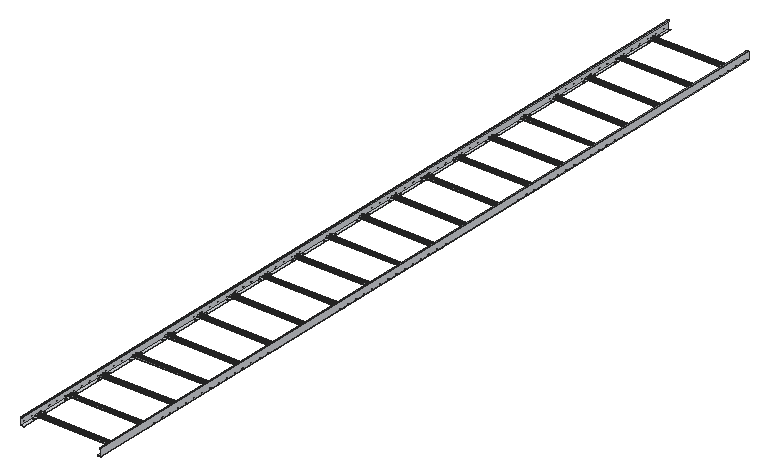
Revit family "Kabelleiter,Sprosse gelocht, geschweißt-LCIS 660 6 FS,FT,A2,A4", category Generic Models, Revit 2017 (continued)
Dimensions and locks
  locked: cut or joined group 1 (Extrusion 1, Extrusion 2, Extrusion 3, Extrusion 4, Extrusion 5, Extrusion 6, Extrusion 7, Extrusion 8, Extrusion 9, Extrusion 10, Extrusion 11, Extrusion 12, Extrusion 13, Extrusion 14, Extrusion 15, Extrusion 16, Extrusion 17, Extrusion 18, Extrusion 19, Extrusion 20, Extrusion 21, Extrusion 22, Extrusion 23, Extrusion 24, Extrusion 25, Extrusion 26, Extrusion 27, Extrusion 28, Extrusion 29, Extrusion 30, Extrusion 31, Extrusion 32, Extrusion 33, Extrusion 34, Extrusion 35, Extrusion 36, Extrusion 37, Extrusion 38, Extrusion 39, Extrusion 40, Extrusion 41, Extrusion 42, Extrusion 43, Extrusion 44, Extrusion 45, Extrusion 46, Extrusion 47, Extrusion 48, Extrusion 49, Extrusion 50, Extrusion 51, Extrusion 52, Extrusion 53, Extrusion 54, Extrusion 55, Extrusion 56, Extrusion 57, Extrusion 58, Extrusion 59, Extrusion 60, Extrusion 61, Extrusion 62, Extrusion 63, Extrusion 64, Extrusion 65, Extrusion 66, Extrusion 67, Extrusion 68, Extrusion 69, Extrusion 70, Extrusion 71, Extrusion 72, Extrusion 73, Extrusion 74, Extrusion 75, Extrusion 76, Extrusion 77, Extrusion 78, Extrusion 79, Extrusion 80, Extrusion 81, Extrusion 82, Extrusion 83, Extrusion 84, Extrusion 85, Extrusion 86, Extrusion 87, Extrusion 88, Extrusion 89, Extrusion 90, Extrusion 91, Extrusion 92, Extrusion 93, Extrusion 94, Extrusion 95, Extrusion 96, Extrusion 97, Extrusion 98, Extrusion 99, Extrusion 100, Extrusion 101, Extrusion 102, Extrusion 103, Extrusion 104, Extrusion 105, Extrusion 106, Extrusion 107, Extrusion 108, Extrusion 109, Extrusion 110, Extrusion 111, Extrusion 112, Extrusion 113, Extrusion 114, Extrusion 115, Extrusion 116, Extrusion 117, Extrusion 118, Extrusion 119, Extrusion 120, Extrusion 121, Extrusion 122, Extrusion 123, Extrusion 124, Extrusion 125, Extrusion 126, Extrusion 127, Extrusion 128, Extrusion 129, Extrusion 130, Extrusion 131, Extrusion 132, Extrusion 133, Extrusion 134, Extrusion 135, Extrusion 136, Extrusion 137, Extrusion 138, Extrusion 139, Extrusion 140, Extrusion 141, Extrusion 142, Extrusion 143, Extrusion 144, Extrusion 145, Extrusion 146, Extrusion 147, Extrusion 148, Extrusion 149, Extrusion 150, Extrusion 151, Extrusion 152, Extrusion 153, Extrusion 154, Extrusion 155, Extrusion 156, Extrusion 157, Extrusion 158, Extrusion 159, Extrusion 160, Extrusion 161, Extrusion 207, Extrusion 208, Extrusion 209, Extrusion 210, Extrusion 211, Extrusion 212, Extrusion 213, Extrusion 214, Extrusion 215, Extrusion 216, Extrusion 217, Extrusion 218, Extrusion 219, Extrusion 220, Extrusion 221, Extrusion 222, Extrusion 223, Extrusion 224, Extrusion 225, Extrusion 226, Extrusion 227, Extrusion 228, Extrusion 229, Extrusion 230, Extrusion 231, Extrusion 232, Extrusion 233, Extrusion 234, Extrusion 235, Extrusion 236, Extrusion 237, Extrusion 238, Extrusion 239, Extrusion 240, Extrusion 241, Extrusion 242, Extrusion 243, Extrusion 244, Extrusion 245, Extrusion 246, Extrusion 247, Extrusion 248, Extrusion 249, Extrusion 250, Extrusion 251, Extrusion 252, Extrusion 253, Extrusion 254, Extrusion 255, Extrusion 256, Extrusion 257, Extrusion 258, Extrusion 259, Extrusion 260, Extrusion 261, Extrusion 262, Extrusion 263, Extrusion 264, Extrusion 265, Extrusion 266, Extrusion 267, Extrusion 268, Extrusion 269, Extrusion 270, Extrusion 271, Extrusion 272, Extrusion 273, Extrusion 274, Extrusion 275, Extrusion 276, Extrusion 277, Extrusion 278, Extrusion 279, Extrusion 280, Extrusion 281, Extrusion 282, Extrusion 283, Extrusion 284, Extrusion 285, Extrusion 286) to plane 14 at 40
  locked: Extrusion 163 sketch curve to Extrusion 163 sketch curve at 9
  locked: Extrusion 163 sketch curve to Extrusion 163 sketch curve at 3
  locked: Extrusion 164 sketch curve to Extrusion 164 sketch curve at 16.96
  locked: Extrusion 164 sketch curve to Extrusion 164 sketch curve at 9.025
  locked: Extrusion 165 sketch curve to Extrusion 165 sketch curve at 16.96
  locked: Extrusion 165 sketch curve to Extrusion 165 sketch curve at 9.025
  locked: Extrusion 166 sketch curve to Extrusion 166 sketch curve at 9
  locked: Extrusion 166 sketch curve to Extrusion 166 sketch curve at 3
  locked: Extrusion 167 sketch curve to Extrusion 167 sketch curve at 9
  locked: Extrusion 167 sketch curve to Extrusion 167 sketch curve at 3
  group 163 to group 164 = 520 mm
  group 163 to group 164 = 0 mm  (x2)
  locked: Extrusion 168 sketch curve to Extrusion 168 sketch curve at 9  (x3)
  plane 18 to Extrusion 162 = 8.5 mm
  Extrusion 168 sketch curve to Extrusion 168 sketch curve = 3 mm
  plane 18 to Extrusion 168 sketch curve = 1.5 mm  (x2)
  plane 14 to plane 19 = 20 mm
  Extrusion 168 sketch curve to Extrusion 162 = 0.5 mm  (x2)
  locked: Extrusion 168 sketch curve to Extrusion 168 sketch curve at 11  (x14)
  locked: plane 19 to plane 20 at 20
  locked: Extrusion 168 sketch curve to Extrusion 168 sketch curve at 7  (x10)
  locked: plane 20 to plane 21 at 20
  locked: plane 21 to plane 22 at 20
  locked: plane 22 to plane 23 at 20
  locked: plane 23 to plane 24 at 20
  locked: plane 24 to plane 25 at 20
  locked: plane 25 to plane 26 at 20
  locked: plane 26 to plane 27 at 20
  locked: plane 27 to plane 28 at 20
  locked: plane 28 to plane 29 at 20
  locked: plane 29 to plane 30 at 20
  locked: plane 31 to plane 32 at 20
  locked: plane 32 to plane 33 at 20
  locked: plane 33 to plane 34 at 20
  locked: plane 34 to plane 35 at 20
  locked: plane 35 to plane 36 at 20
  locked: plane 36 to plane 37 at 20
  plane 39 to cut or joined group of Extrusion 162, Extrusion 168 = 8.5 mm
  locked: plane 40 to plane 38 at 20
  locked: plane 41 to plane 40 at 20
  locked: plane 42 to plane 41 at 20
  locked: plane 43 to plane 42 at 20
  plane 44 to plane 43 = 20 mm
  Extrusion 168 sketch curve to Extrusion 168 sketch curve = 11 mm  (x2)
  locked: Extrusion 169 sketch curve to Extrusion 169 sketch curve at 16.96
  locked: Extrusion 169 sketch curve to Extrusion 169 sketch curve at 9.025
  locked: Extrusion 170 sketch curve to Extrusion 170 sketch curve at 9  (x3)
  plane 45 to Extrusion 169 = 8.5 mm
  Extrusion 170 sketch curve to Extrusion 170 sketch curve = 3 mm
  plane 45 to Extrusion 170 sketch curve = 1.5 mm  (x2)
  Extrusion 170 sketch curve to Extrusion 169 = 0.5 mm  (x2)
  locked: Extrusion 170 sketch curve to Extrusion 170 sketch curve at 11  (x14)
  locked: plane 46 to plane 47 at 20
  locked: Extrusion 170 sketch curve to Extrusion 170 sketch curve at 7  (x10)
  locked: plane 47 to plane 48 at 20
  locked: plane 48 to plane 49 at 20
  locked: plane 49 to plane 50 at 20
  locked: plane 50 to plane 51 at 20
  locked: plane 51 to plane 52 at 20
  locked: plane 52 to plane 53 at 20
  locked: plane 53 to plane 54 at 20
  locked: plane 54 to plane 55 at 20
  locked: plane 55 to plane 56 at 20
  locked: plane 56 to plane 57 at 20
  locked: plane 58 to plane 59 at 20
  locked: plane 59 to plane 60 at 20
  locked: plane 60 to plane 61 at 20
  locked: plane 61 to plane 62 at 20
  locked: plane 62 to plane 63 at 20
  locked: plane 63 to plane 64 at 20
  locked: plane 67 to plane 65 at 20
  locked: plane 68 to plane 67 at 20
  locked: plane 69 to plane 68 at 20
  locked: plane 70 to plane 69 at 20
  plane 71 to plane 70 = 20 mm
  Extrusion 170 sketch curve to Extrusion 170 sketch curve = 11 mm  (x2)
  locked: Extrusion 171 sketch curve to Extrusion 171 sketch curve at 16.96
  locked: Extrusion 171 sketch curve to Extrusion 171 sketch curve at 9.025
  locked: Extrusion 172 sketch curve to Extrusion 172 sketch curve at 9  (x3)
  plane 72 to Extrusion 171 = 8.5 mm
  Extrusion 172 sketch curve to Extrusion 172 sketch curve = 3 mm
  plane 72 to Extrusion 172 sketch curve = 1.5 mm  (x2)
  Extrusion 172 sketch curve to Extrusion 171 = 0.5 mm  (x2)
  locked: Extrusion 172 sketch curve to Extrusion 172 sketch curve at 11  (x14)
  locked: plane 73 to plane 74 at 20
  locked: Extrusion 172 sketch curve to Extrusion 172 sketch curve at 7  (x10)
  locked: plane 74 to plane 75 at 20
  locked: plane 75 to plane 76 at 20
  locked: plane 76 to plane 77 at 20
  locked: plane 77 to plane 78 at 20
  locked: plane 78 to plane 79 at 20
  locked: plane 79 to plane 80 at 20
  locked: plane 80 to plane 81 at 20
  locked: plane 81 to plane 82 at 20
  locked: plane 82 to plane 83 at 20
  locked: plane 83 to plane 84 at 20
  locked: plane 85 to plane 86 at 20
  locked: plane 86 to plane 87 at 20
  locked: plane 87 to plane 88 at 20
  locked: plane 88 to plane 89 at 20
  locked: plane 89 to plane 90 at 20
  locked: plane 90 to plane 91 at 20
  locked: plane 94 to plane 92 at 20
  locked: plane 95 to plane 94 at 20
  locked: plane 96 to plane 95 at 20
  locked: plane 97 to plane 96 at 20
  plane 98 to plane 97 = 20 mm
  Extrusion 172 sketch curve to Extrusion 172 sketch curve = 11 mm  (x2)
  locked: Extrusion 173 sketch curve to Extrusion 173 sketch curve at 16.96
  locked: Extrusion 173 sketch curve to Extrusion 173 sketch curve at 9.025
  locked: Extrusion 174 sketch curve to Extrusion 174 sketch curve at 9  (x3)
  plane 99 to Extrusion 173 = 8.5 mm
  Extrusion 174 sketch curve to Extrusion 174 sketch curve = 3 mm
  plane 99 to Extrusion 174 sketch curve = 1.5 mm  (x2)
  Extrusion 174 sketch curve to Extrusion 173 = 0.5 mm  (x2)
  locked: Extrusion 174 sketch curve to Extrusion 174 sketch curve at 11  (x14)
  locked: plane 100 to plane 101 at 20
  locked: Extrusion 174 sketch curve to Extrusion 174 sketch curve at 7  (x10)
  locked: plane 101 to plane 102 at 20
  locked: plane 102 to plane 103 at 20
  locked: plane 103 to plane 104 at 20
  locked: plane 104 to plane 105 at 20
  locked: plane 105 to plane 106 at 20
  locked: plane 106 to plane 107 at 20
  locked: plane 107 to plane 108 at 20
  locked: plane 108 to plane 109 at 20
  locked: plane 109 to plane 110 at 20
  locked: plane 110 to plane 111 at 20
  locked: plane 112 to plane 113 at 20
  locked: plane 113 to plane 114 at 20
  locked: plane 114 to plane 115 at 20
  locked: plane 115 to plane 116 at 20
  locked: plane 116 to plane 117 at 20
  locked: plane 117 to plane 118 at 20
  locked: plane 121 to plane 119 at 20
  locked: plane 122 to plane 121 at 20
  locked: plane 123 to plane 122 at 20
  locked: plane 124 to plane 123 at 20
  plane 125 to plane 124 = 20 mm
  Extrusion 174 sketch curve to Extrusion 174 sketch curve = 11 mm  (x2)
  locked: Extrusion 175 sketch curve to Extrusion 175 sketch curve at 16.96
  locked: Extrusion 175 sketch curve to Extrusion 175 sketch curve at 9.025
  locked: Extrusion 176 sketch curve to Extrusion 176 sketch curve at 9  (x3)
  plane 126 to Extrusion 175 = 8.5 mm
  Extrusion 176 sketch curve to Extrusion 176 sketch curve = 3 mm
  plane 126 to Extrusion 176 sketch curve = 1.5 mm  (x2)
  Extrusion 176 sketch curve to Extrusion 175 = 0.5 mm  (x2)
  locked: Extrusion 176 sketch curve to Extrusion 176 sketch curve at 11  (x14)
  locked: plane 127 to plane 128 at 20
  locked: Extrusion 176 sketch curve to Extrusion 176 sketch curve at 7  (x10)
  locked: plane 128 to plane 129 at 20
  locked: plane 129 to plane 130 at 20
  locked: plane 130 to plane 131 at 20
  locked: plane 131 to plane 132 at 20
  locked: plane 132 to plane 133 at 20
  locked: plane 133 to plane 134 at 20
  locked: plane 134 to plane 135 at 20
  locked: plane 135 to plane 136 at 20
  locked: plane 136 to plane 137 at 20
  locked: plane 137 to plane 138 at 20
  locked: plane 139 to plane 140 at 20
  locked: plane 140 to plane 141 at 20
  locked: plane 141 to plane 142 at 20
  locked: plane 142 to plane 143 at 20
  locked: plane 143 to plane 144 at 20
  locked: plane 144 to plane 145 at 20
  locked: plane 148 to plane 146 at 20
  locked: plane 149 to plane 148 at 20
  locked: plane 150 to plane 149 at 20
  locked: plane 151 to plane 150 at 20
  plane 152 to plane 151 = 20 mm
  Extrusion 176 sketch curve to Extrusion 176 sketch curve = 11 mm  (x2)
  locked: Extrusion 177 sketch curve to Extrusion 177 sketch curve at 16.96
  locked: Extrusion 177 sketch curve to Extrusion 177 sketch curve at 9.025
  locked: Extrusion 178 sketch curve to Extrusion 178 sketch curve at 9  (x3)
  plane 153 to Extrusion 177 = 8.5 mm
  Extrusion 178 sketch curve to Extrusion 178 sketch curve = 3 mm
  plane 153 to Extrusion 178 sketch curve = 1.5 mm  (x2)
  Extrusion 178 sketch curve to Extrusion 177 = 0.5 mm  (x2)
  locked: Extrusion 178 sketch curve to Extrusion 178 sketch curve at 11  (x14)
  locked: plane 154 to plane 155 at 20
  locked: Extrusion 178 sketch curve to Extrusion 178 sketch curve at 7  (x10)
  locked: plane 155 to plane 156 at 20
  locked: plane 156 to plane 157 at 20
  locked: plane 157 to plane 158 at 20
  locked: plane 158 to plane 159 at 20
  locked: plane 159 to plane 160 at 20
  locked: plane 160 to plane 161 at 20
  locked: plane 161 to plane 162 at 20
  locked: plane 162 to plane 163 at 20
  locked: plane 163 to plane 164 at 20
  locked: plane 164 to plane 165 at 20
  locked: plane 166 to plane 167 at 20
  locked: plane 167 to plane 168 at 20
  locked: plane 168 to plane 169 at 20
  locked: plane 169 to plane 170 at 20
  locked: plane 170 to plane 171 at 20
  locked: plane 171 to plane 172 at 20
  locked: plane 175 to plane 173 at 20
  locked: plane 176 to plane 175 at 20
  locked: plane 177 to plane 176 at 20
  locked: plane 178 to plane 177 at 20
  plane 179 to plane 178 = 20 mm
  Extrusion 178 sketch curve to Extrusion 178 sketch curve = 11 mm  (x2)
  locked: Extrusion 179 sketch curve to Extrusion 179 sketch curve at 16.96
  locked: Extrusion 179 sketch curve to Extrusion 179 sketch curve at 9.025
  locked: Extrusion 180 sketch curve to Extrusion 180 sketch curve at 9  (x3)
  plane 180 to Extrusion 179 = 8.5 mm
  Extrusion 180 sketch curve to Extrusion 180 sketch curve = 3 mm
  plane 180 to Extrusion 180 sketch curve = 1.5 mm  (x2)
  Extrusion 180 sketch curve to Extrusion 179 = 0.5 mm  (x2)
  locked: Extrusion 180 sketch curve to Extrusion 180 sketch curve at 11  (x14)
  locked: plane 181 to plane 182 at 20
  locked: Extrusion 180 sketch curve to Extrusion 180 sketch curve at 7  (x10)
  locked: plane 182 to plane 183 at 20
  locked: plane 183 to plane 184 at 20
  locked: plane 184 to plane 185 at 20
  locked: plane 185 to plane 186 at 20
  locked: plane 186 to plane 187 at 20
  locked: plane 187 to plane 188 at 20
  locked: plane 188 to plane 189 at 20
  locked: plane 189 to plane 190 at 20
  locked: plane 190 to plane 191 at 20
  locked: plane 191 to plane 192 at 20
  locked: plane 193 to plane 194 at 20
  locked: plane 194 to plane 195 at 20
  locked: plane 195 to plane 196 at 20
  locked: plane 196 to plane 197 at 20
  locked: plane 197 to plane 198 at 20
  locked: plane 198 to plane 199 at 20
  locked: plane 202 to plane 200 at 20
  locked: plane 203 to plane 202 at 20
  locked: plane 204 to plane 203 at 20
  locked: plane 205 to plane 204 at 20
  plane 206 to plane 205 = 20 mm
  Extrusion 180 sketch curve to Extrusion 180 sketch curve = 11 mm  (x2)
  locked: Extrusion 181 sketch curve to Extrusion 181 sketch curve at 16.96
  locked: Extrusion 181 sketch curve to Extrusion 181 sketch curve at 9.025
  locked: Extrusion 182 sketch curve to Extrusion 182 sketch curve at 9  (x3)
  plane 207 to Extrusion 181 = 8.5 mm
  Extrusion 182 sketch curve to Extrusion 182 sketch curve = 3 mm
  plane 207 to Extrusion 182 sketch curve = 1.5 mm  (x2)
  Extrusion 182 sketch curve to Extrusion 181 = 0.5 mm  (x2)
  locked: Extrusion 182 sketch curve to Extrusion 182 sketch curve at 11  (x14)
  locked: plane 208 to plane 209 at 20
  locked: Extrusion 182 sketch curve to Extrusion 182 sketch curve at 7  (x10)
  locked: plane 209 to plane 210 at 20
  locked: plane 210 to plane 211 at 20
  locked: plane 211 to plane 212 at 20
  locked: plane 212 to plane 213 at 20
  locked: plane 213 to plane 214 at 20
  locked: plane 214 to plane 215 at 20
  locked: plane 215 to plane 216 at 20
  locked: plane 216 to plane 217 at 20
  locked: plane 217 to plane 218 at 20
  locked: plane 218 to plane 219 at 20
  locked: plane 220 to plane 221 at 20
  locked: plane 221 to plane 222 at 20
  locked: plane 222 to plane 223 at 20
  locked: plane 223 to plane 224 at 20
  locked: plane 224 to plane 225 at 20
  locked: plane 225 to plane 226 at 20
  locked: plane 229 to plane 227 at 20
  locked: plane 230 to plane 229 at 20
  locked: plane 231 to plane 230 at 20
  locked: plane 232 to plane 231 at 20
  plane 233 to plane 232 = 20 mm
  Extrusion 182 sketch curve to Extrusion 182 sketch curve = 11 mm  (x2)
  locked: Extrusion 183 sketch curve to Extrusion 183 sketch curve at 16.96
  locked: Extrusion 183 sketch curve to Extrusion 183 sketch curve at 9.025
  locked: Extrusion 184 sketch curve to Extrusion 184 sketch curve at 9  (x3)
  plane 234 to Extrusion 183 = 8.5 mm
  Extrusion 184 sketch curve to Extrusion 184 sketch curve = 3 mm
  plane 234 to Extrusion 184 sketch curve = 1.5 mm  (x2)
  Extrusion 184 sketch curve to Extrusion 183 = 0.5 mm  (x2)
  locked: Extrusion 184 sketch curve to Extrusion 184 sketch curve at 11  (x14)
  locked: plane 235 to plane 236 at 20
  locked: Extrusion 184 sketch curve to Extrusion 184 sketch curve at 7  (x10)
  locked: plane 236 to plane 237 at 20
  locked: plane 237 to plane 238 at 20
  locked: plane 238 to plane 239 at 20
  locked: plane 239 to plane 240 at 20
  locked: plane 240 to plane 241 at 20
  locked: plane 241 to plane 242 at 20
  locked: plane 242 to plane 243 at 20
  locked: plane 243 to plane 244 at 20
  locked: plane 244 to plane 245 at 20
  locked: plane 245 to plane 246 at 20
  locked: plane 247 to plane 248 at 20
  locked: plane 248 to plane 249 at 20
  locked: plane 249 to plane 250 at 20
  locked: plane 250 to plane 251 at 20
  locked: plane 251 to plane 252 at 20
  locked: plane 252 to plane 253 at 20
  locked: plane 256 to plane 254 at 20
  locked: plane 257 to plane 256 at 20
  locked: plane 258 to plane 257 at 20
  locked: plane 259 to plane 258 at 20
  plane 260 to plane 259 = 20 mm
  Extrusion 184 sketch curve to Extrusion 184 sketch curve = 11 mm  (x2)
  locked: Extrusion 185 sketch curve to Extrusion 185 sketch curve at 16.96
  locked: Extrusion 185 sketch curve to Extrusion 185 sketch curve at 9.025
  locked: Extrusion 186 sketch curve to Extrusion 186 sketch curve at 9  (x3)
  plane 261 to Extrusion 185 = 8.5 mm
  Extrusion 186 sketch curve to Extrusion 186 sketch curve = 3 mm
  plane 261 to Extrusion 186 sketch curve = 1.5 mm  (x2)
  Extrusion 186 sketch curve to Extrusion 185 = 0.5 mm  (x2)
  locked: Extrusion 186 sketch curve to Extrusion 186 sketch curve at 11  (x14)
  locked: plane 262 to plane 263 at 20
  locked: Extrusion 186 sketch curve to Extrusion 186 sketch curve at 7  (x10)
  locked: plane 263 to plane 264 at 20
  locked: plane 264 to plane 265 at 20
  locked: plane 265 to plane 266 at 20
  locked: plane 266 to plane 267 at 20
  locked: plane 267 to plane 268 at 20
  locked: plane 268 to plane 269 at 20
  locked: plane 269 to plane 270 at 20
  locked: plane 270 to plane 271 at 20
  locked: plane 271 to plane 272 at 20
  locked: plane 272 to plane 273 at 20
  locked: plane 274 to plane 275 at 20
  locked: plane 275 to plane 276 at 20
  locked: plane 276 to plane 277 at 20
  locked: plane 277 to plane 278 at 20
  locked: plane 278 to plane 279 at 20
  locked: plane 279 to plane 280 at 20
  locked: plane 283 to plane 281 at 20
  locked: plane 284 to plane 283 at 20
  locked: plane 285 to plane 284 at 20
  locked: plane 286 to plane 285 at 20
  plane 287 to plane 286 = 20 mm
  Extrusion 186 sketch curve to Extrusion 186 sketch curve = 11 mm  (x2)
  locked: Extrusion 187 sketch curve to Extrusion 187 sketch curve at 16.96
  locked: Extrusion 187 sketch curve to Extrusion 187 sketch curve at 9.025
  locked: Extrusion 188 sketch curve to Extrusion 188 sketch curve at 9  (x3)
  plane 288 to Extrusion 187 = 8.5 mm
  Extrusion 188 sketch curve to Extrusion 188 sketch curve = 3 mm
  plane 288 to Extrusion 188 sketch curve = 1.5 mm  (x2)
  Extrusion 188 sketch curve to Extrusion 187 = 0.5 mm  (x2)
  locked: Extrusion 188 sketch curve to Extrusion 188 sketch curve at 11  (x14)
  locked: plane 289 to plane 290 at 20
  locked: Extrusion 188 sketch curve to Extrusion 188 sketch curve at 7  (x10)
  locked: plane 290 to plane 291 at 20
  locked: plane 291 to plane 292 at 20
  locked: plane 292 to plane 293 at 20
  locked: plane 293 to plane 294 at 20
  locked: plane 294 to plane 295 at 20
  locked: plane 295 to plane 296 at 20
  locked: plane 296 to plane 297 at 20
  locked: plane 297 to plane 298 at 20
  locked: plane 298 to plane 299 at 20
  locked: plane 299 to plane 300 at 20
  locked: plane 301 to plane 302 at 20
  locked: plane 302 to plane 303 at 20
  locked: plane 303 to plane 304 at 20
  locked: plane 304 to plane 305 at 20
  locked: plane 305 to plane 306 at 20
  locked: plane 306 to plane 307 at 20
  locked: plane 310 to plane 308 at 20
  locked: plane 311 to plane 310 at 20
  locked: plane 312 to plane 311 at 20
  locked: plane 313 to plane 312 at 20
  plane 314 to plane 313 = 20 mm
  Extrusion 188 sketch curve to Extrusion 188 sketch curve = 11 mm  (x2)
  locked: Extrusion 189 sketch curve to Extrusion 189 sketch curve at 16.96
  locked: Extrusion 189 sketch curve to Extrusion 189 sketch curve at 9.025
  locked: Extrusion 190 sketch curve to Extrusion 190 sketch curve at 9  (x3)
  plane 315 to Extrusion 189 = 8.5 mm
  Extrusion 190 sketch curve to Extrusion 190 sketch curve = 3 mm
  plane 315 to Extrusion 190 sketch curve = 1.5 mm  (x2)
  Extrusion 190 sketch curve to Extrusion 189 = 0.5 mm  (x2)
  locked: Extrusion 190 sketch curve to Extrusion 190 sketch curve at 11  (x14)
  locked: plane 316 to plane 317 at 20
  locked: Extrusion 190 sketch curve to Extrusion 190 sketch curve at 7  (x10)
  locked: plane 317 to plane 318 at 20
  locked: plane 318 to plane 319 at 20
  locked: plane 319 to plane 320 at 20
  locked: plane 320 to plane 321 at 20
  locked: plane 321 to plane 322 at 20
  locked: plane 322 to plane 323 at 20
  locked: plane 323 to plane 324 at 20
  locked: plane 324 to plane 325 at 20
  locked: plane 325 to plane 326 at 20
  locked: plane 326 to plane 327 at 20
  locked: plane 328 to plane 329 at 20
  locked: plane 329 to plane 330 at 20
  locked: plane 330 to plane 331 at 20
  locked: plane 331 to plane 332 at 20
  locked: plane 332 to plane 333 at 20
  locked: plane 333 to plane 334 at 20
  locked: plane 337 to plane 335 at 20
  locked: plane 338 to plane 337 at 20
  locked: plane 339 to plane 338 at 20
  locked: plane 340 to plane 339 at 20
  plane 341 to plane 340 = 20 mm
  Extrusion 190 sketch curve to Extrusion 190 sketch curve = 11 mm  (x2)
  locked: Extrusion 191 sketch curve to Extrusion 191 sketch curve at 16.96
  locked: Extrusion 191 sketch curve to Extrusion 191 sketch curve at 9.025
  locked: Extrusion 192 sketch curve to Extrusion 192 sketch curve at 9  (x3)
  plane 342 to Extrusion 191 = 8.5 mm
  Extrusion 192 sketch curve to Extrusion 192 sketch curve = 3 mm
  plane 342 to Extrusion 192 sketch curve = 1.5 mm  (x2)
  Extrusion 192 sketch curve to Extrusion 191 = 0.5 mm  (x2)
  locked: Extrusion 192 sketch curve to Extrusion 192 sketch curve at 11  (x14)
  locked: plane 343 to plane 344 at 20
  locked: Extrusion 192 sketch curve to Extrusion 192 sketch curve at 7  (x10)
  locked: plane 344 to plane 345 at 20
  locked: plane 345 to plane 346 at 20
  locked: plane 346 to plane 347 at 20
  locked: plane 347 to plane 348 at 20
  locked: plane 348 to plane 349 at 20
  locked: plane 349 to plane 350 at 20
  locked: plane 350 to plane 351 at 20
  locked: plane 351 to plane 352 at 20
  locked: plane 352 to plane 353 at 20
  locked: plane 353 to plane 354 at 20
  locked: plane 355 to plane 356 at 20
  locked: plane 356 to plane 357 at 20
  locked: plane 357 to plane 358 at 20
  locked: plane 358 to plane 359 at 20
  locked: plane 359 to plane 360 at 20
  locked: plane 360 to plane 361 at 20
  locked: plane 364 to plane 362 at 20
  locked: plane 365 to plane 364 at 20
  locked: plane 366 to plane 365 at 20
  locked: plane 367 to plane 366 at 20
  plane 368 to plane 367 = 20 mm
  Extrusion 192 sketch curve to Extrusion 192 sketch curve = 11 mm  (x2)
  locked: Extrusion 193 sketch curve to Extrusion 193 sketch curve at 16.96
  locked: Extrusion 193 sketch curve to Extrusion 193 sketch curve at 9.025
  locked: Extrusion 194 sketch curve to Extrusion 194 sketch curve at 9  (x3)
  plane 369 to Extrusion 193 = 8.5 mm
  Extrusion 194 sketch curve to Extrusion 194 sketch curve = 3 mm
  plane 369 to Extrusion 194 sketch curve = 1.5 mm  (x2)
  Extrusion 194 sketch curve to Extrusion 193 = 0.5 mm  (x2)
  locked: Extrusion 194 sketch curve to Extrusion 194 sketch curve at 11  (x14)
  locked: plane 370 to plane 371 at 20
  locked: Extrusion 194 sketch curve to Extrusion 194 sketch curve at 7  (x10)
  locked: plane 371 to plane 372 at 20
  locked: plane 372 to plane 373 at 20
  locked: plane 373 to plane 374 at 20
  locked: plane 374 to plane 375 at 20
  locked: plane 375 to plane 376 at 20
  locked: plane 376 to plane 377 at 20
  locked: plane 377 to plane 378 at 20
  locked: plane 378 to plane 379 at 20
  locked: plane 379 to plane 380 at 20
  locked: plane 380 to plane 381 at 20
  locked: plane 382 to plane 383 at 20
  locked: plane 383 to plane 384 at 20
  locked: plane 384 to plane 385 at 20
  locked: plane 385 to plane 386 at 20
  locked: plane 386 to plane 387 at 20
  locked: plane 387 to plane 388 at 20
  locked: plane 391 to plane 389 at 20
  locked: plane 392 to plane 391 at 20
  locked: plane 393 to plane 392 at 20
  locked: plane 394 to plane 393 at 20
  plane 395 to plane 394 = 20 mm
  Extrusion 194 sketch curve to Extrusion 194 sketch curve = 11 mm  (x2)
  locked: Extrusion 195 sketch curve to Extrusion 195 sketch curve at 16.96
  locked: Extrusion 195 sketch curve to Extrusion 195 sketch curve at 9.025
  locked: Extrusion 196 sketch curve to Extrusion 196 sketch curve at 9  (x3)
  plane 396 to Extrusion 195 = 8.5 mm
  Extrusion 196 sketch curve to Extrusion 196 sketch curve = 3 mm
  plane 396 to Extrusion 196 sketch curve = 1.5 mm  (x2)
  Extrusion 196 sketch curve to Extrusion 195 = 0.5 mm  (x2)
  locked: Extrusion 196 sketch curve to Extrusion 196 sketch curve at 11  (x14)
  locked: plane 397 to plane 398 at 20
  locked: Extrusion 196 sketch curve to Extrusion 196 sketch curve at 7  (x10)
  locked: plane 398 to plane 399 at 20
  locked: plane 399 to plane 400 at 20
  locked: plane 400 to plane 401 at 20
  locked: plane 401 to plane 402 at 20
  locked: plane 402 to plane 403 at 20
  locked: plane 403 to plane 404 at 20
  locked: plane 404 to plane 405 at 20
  locked: plane 405 to plane 406 at 20
  locked: plane 406 to plane 407 at 20
  locked: plane 407 to plane 408 at 20
  locked: plane 409 to plane 410 at 20
  locked: plane 410 to plane 411 at 20
  locked: plane 411 to plane 412 at 20
  locked: plane 412 to plane 413 at 20
  locked: plane 413 to plane 414 at 20
  locked: plane 414 to plane 415 at 20
  locked: plane 418 to plane 416 at 20
  locked: plane 419 to plane 418 at 20
  locked: plane 420 to plane 419 at 20
  locked: plane 421 to plane 420 at 20
  plane 422 to plane 421 = 20 mm
  Extrusion 196 sketch curve to Extrusion 196 sketch curve = 11 mm  (x2)
  locked: Extrusion 197 sketch curve to Extrusion 197 sketch curve at 16.96
  locked: Extrusion 197 sketch curve to Extrusion 197 sketch curve at 9.025
  locked: Extrusion 198 sketch curve to Extrusion 198 sketch curve at 9  (x3)
  plane 423 to Extrusion 197 = 8.5 mm
  Extrusion 198 sketch curve to Extrusion 198 sketch curve = 3 mm
  plane 423 to Extrusion 198 sketch curve = 1.5 mm  (x2)
  Extrusion 198 sketch curve to Extrusion 197 = 0.5 mm  (x2)
  locked: Extrusion 198 sketch curve to Extrusion 198 sketch curve at 11  (x14)
  locked: plane 424 to plane 425 at 20
  locked: Extrusion 198 sketch curve to Extrusion 198 sketch curve at 7  (x10)
  locked: plane 425 to plane 426 at 20
  locked: plane 426 to plane 427 at 20
  locked: plane 427 to plane 428 at 20
  locked: plane 428 to plane 429 at 20
  locked: plane 429 to plane 430 at 20
  locked: plane 430 to plane 431 at 20
  locked: plane 431 to plane 432 at 20
  locked: plane 432 to plane 433 at 20
  locked: plane 433 to plane 434 at 20
  locked: plane 434 to plane 435 at 20
  locked: plane 436 to plane 437 at 20
  locked: plane 437 to plane 438 at 20
  locked: plane 438 to plane 439 at 20
  locked: plane 439 to plane 440 at 20
  locked: plane 440 to plane 441 at 20
  locked: plane 441 to plane 442 at 20
  locked: plane 445 to plane 443 at 20
  locked: plane 446 to plane 445 at 20
  locked: plane 447 to plane 446 at 20
  locked: plane 448 to plane 447 at 20
  plane 449 to plane 448 = 20 mm
  Extrusion 198 sketch curve to Extrusion 198 sketch curve = 11 mm  (x2)
  locked: Extrusion 199 sketch curve to Extrusion 199 sketch curve at 16.96
  locked: Extrusion 199 sketch curve to Extrusion 199 sketch curve at 9.025
  locked: Extrusion 200 sketch curve to Extrusion 200 sketch curve at 9  (x3)
  plane 450 to Extrusion 199 = 8.5 mm
  Extrusion 200 sketch curve to Extrusion 200 sketch curve = 3 mm
  plane 450 to Extrusion 200 sketch curve = 1.5 mm  (x2)
  Extrusion 200 sketch curve to Extrusion 199 = 0.5 mm  (x2)
  locked: Extrusion 200 sketch curve to Extrusion 200 sketch curve at 11  (x14)
  locked: plane 451 to plane 452 at 20
  locked: Extrusion 200 sketch curve to Extrusion 200 sketch curve at 7  (x10)
  locked: plane 452 to plane 453 at 20
  locked: plane 453 to plane 454 at 20
  locked: plane 454 to plane 455 at 20
  locked: plane 455 to plane 456 at 20
  locked: plane 456 to plane 457 at 20
  locked: plane 457 to plane 458 at 20
  locked: plane 458 to plane 459 at 20
  locked: plane 459 to plane 460 at 20
  locked: plane 460 to plane 461 at 20
  locked: plane 461 to plane 462 at 20
  locked: plane 463 to plane 464 at 20
  locked: plane 464 to plane 465 at 20
  locked: plane 465 to plane 466 at 20
  locked: plane 466 to plane 467 at 20
  locked: plane 467 to plane 468 at 20
  locked: plane 468 to plane 469 at 20
  locked: plane 472 to plane 470 at 20
  locked: plane 473 to plane 472 at 20
  locked: plane 474 to plane 473 at 20
  locked: plane 475 to plane 474 at 20
  plane 476 to plane 475 = 20 mm
  Extrusion 200 sketch curve to Extrusion 200 sketch curve = 11 mm  (x2)
  locked: Extrusion 201 sketch curve to Extrusion 201 sketch curve at 16.96
  locked: Extrusion 201 sketch curve to Extrusion 201 sketch curve at 9.025
  locked: Extrusion 202 sketch curve to Extrusion 202 sketch curve at 9  (x3)
  plane 477 to Extrusion 201 = 8.5 mm
  Extrusion 202 sketch curve to Extrusion 202 sketch curve = 3 mm
  plane 477 to Extrusion 202 sketch curve = 1.5 mm  (x2)
  Extrusion 202 sketch curve to Extrusion 201 = 0.5 mm  (x2)
  locked: Extrusion 202 sketch curve to Extrusion 202 sketch curve at 11  (x14)
  locked: plane 478 to plane 479 at 20
  locked: Extrusion 202 sketch curve to Extrusion 202 sketch curve at 7  (x10)
  locked: plane 479 to plane 480 at 20
  locked: plane 480 to plane 481 at 20
  locked: plane 481 to plane 482 at 20
  locked: plane 482 to plane 483 at 20
  locked: plane 483 to plane 484 at 20
  locked: plane 484 to plane 485 at 20
  locked: plane 485 to plane 486 at 20
  locked: plane 486 to plane 487 at 20
  locked: plane 487 to plane 488 at 20
  locked: plane 488 to plane 489 at 20
  locked: plane 490 to plane 491 at 20
  locked: plane 491 to plane 492 at 20
  locked: plane 492 to plane 493 at 20
  locked: plane 493 to plane 494 at 20
  locked: plane 494 to plane 495 at 20
  locked: plane 495 to plane 496 at 20
  locked: plane 499 to plane 497 at 20
  locked: plane 500 to plane 499 at 20
  locked: plane 501 to plane 500 at 20
  locked: plane 502 to plane 501 at 20
  plane 503 to plane 502 = 20 mm
  Extrusion 202 sketch curve to Extrusion 202 sketch curve = 11 mm  (x2)
  locked: Extrusion 203 sketch curve to Extrusion 203 sketch curve at 16.96
  locked: Extrusion 203 sketch curve to Extrusion 203 sketch curve at 9.025
  locked: Extrusion 204 sketch curve to Extrusion 204 sketch curve at 9  (x3)
  plane 504 to Extrusion 203 = 8.5 mm
  Extrusion 204 sketch curve to Extrusion 204 sketch curve = 3 mm
  plane 504 to Extrusion 204 sketch curve = 1.5 mm  (x2)
  Extrusion 204 sketch curve to Extrusion 203 = 0.5 mm  (x2)
  locked: Extrusion 204 sketch curve to Extrusion 204 sketch curve at 11  (x14)
  locked: plane 505 to plane 506 at 20
  locked: Extrusion 204 sketch curve to Extrusion 204 sketch curve at 7  (x10)
  locked: plane 506 to plane 507 at 20
  locked: plane 507 to plane 508 at 20
  locked: plane 508 to plane 509 at 20
  locked: plane 509 to plane 510 at 20
  locked: plane 510 to plane 511 at 20
  locked: plane 511 to plane 512 at 20
  locked: plane 512 to plane 513 at 20
  locked: plane 513 to plane 514 at 20
  locked: plane 514 to plane 515 at 20
  locked: plane 515 to plane 516 at 20
  locked: plane 517 to plane 518 at 20
  locked: plane 518 to plane 519 at 20
  locked: plane 519 to plane 520 at 20
  locked: plane 520 to plane 521 at 20
  locked: plane 521 to plane 522 at 20
  locked: plane 522 to plane 523 at 20
  locked: plane 526 to plane 524 at 20
  locked: plane 527 to plane 526 at 20
  locked: plane 528 to plane 527 at 20
  locked: plane 529 to plane 528 at 20
  plane 530 to plane 529 = 20 mm
  Extrusion 204 sketch curve to Extrusion 204 sketch curve = 11 mm  (x2)
  locked: Extrusion 205 sketch curve to Extrusion 205 sketch curve at 16.96
  locked: Extrusion 205 sketch curve to Extrusion 205 sketch curve at 9.025
  locked: Extrusion 206 sketch curve to Extrusion 206 sketch curve at 9  (x3)
  plane 531 to Extrusion 205 = 8.5 mm
  Extrusion 206 sketch curve to Extrusion 206 sketch curve = 3 mm
  plane 531 to Extrusion 206 sketch curve = 1.5 mm  (x2)
  Extrusion 206 sketch curve to Extrusion 205 = 0.5 mm  (x2)
  locked: Extrusion 206 sketch curve to Extrusion 206 sketch curve at 11  (x14)
  locked: plane 532 to plane 533 at 20
  locked: Extrusion 206 sketch curve to Extrusion 206 sketch curve at 7  (x10)
  locked: plane 533 to plane 534 at 20
  locked: plane 534 to plane 535 at 20
  locked: plane 535 to plane 536 at 20
  locked: plane 536 to plane 537 at 20
  locked: plane 537 to plane 538 at 20
  locked: plane 538 to plane 539 at 20
  locked: plane 539 to plane 540 at 20
  locked: plane 540 to plane 541 at 20
  locked: plane 541 to plane 542 at 20
  locked: plane 542 to plane 543 at 20
  locked: plane 544 to plane 545 at 20
  locked: plane 545 to plane 546 at 20
  locked: plane 546 to plane 547 at 20
  locked: plane 547 to plane 548 at 20
  locked: plane 548 to plane 549 at 20
  locked: plane 549 to plane 550 at 20
  locked: plane 553 to plane 551 at 20
  locked: plane 554 to plane 553 at 20
  locked: plane 555 to plane 554 at 20
  locked: plane 556 to plane 555 at 20
  plane 557 to plane 556 = 20 mm
  Extrusion 206 sketch curve to Extrusion 206 sketch curve = 11 mm  (x2)
  locked: plane 559 to cut or joined group of Extrusion 162, Extrusion 168 at 8.5
  locked: plane 559 to plane 558 at 50
  locked: plane 560 to plane 559 at 50
  locked: cut or joined group 1 to plane 561 at 18
  equal spacing: group 185, group 186, group 187, group 188, group 189, group 190, group 191, group 192, group 193, group 194, group 195, group 196, group 197, group 198, group 199, group 200, group 201, group 202, group 203, group 204  (x3)
  cut or joined group 1 to plane 562 = 18 mm
  locked: cut or joined group 1 to cut or joined group 1 at 22.5  (x2)
  locked: cut or joined group 1 to cut or joined group 1 at 10.5
  equal spacing: group 205, group 206, group 207, group 208, group 209, group 210, group 211, group 212, group 213, group 214, group 215, group 216, group 217, group 218, group 219, group 220, group 221, group 222, group 223, group 224  (x3)
